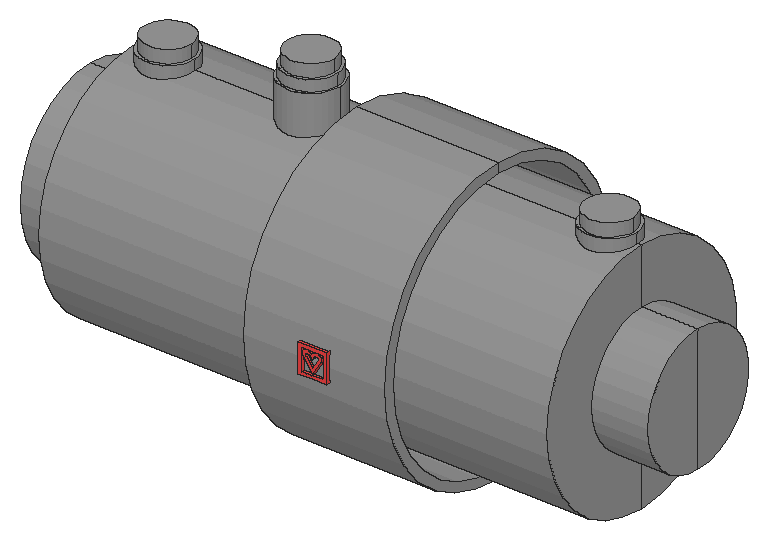
Revit family "Клапан предотвращения обратного потока 0307, внутренняя резьба х наружная резьба", category Rohrzubehör, Revit 2018
Family settings
  Bemaßung runder Anschluss = Durchmesser verwenden
  Teiletyp = Unterbricht
  OmniClass-Nummer = 23.65.55.14
  OmniClass-Titel = Valves for Liquid Services
  Arbeitsebenenbasiert = Nein
  Immer vertikal = Ja
  Beim Laden mit Abzugskörper schneiden = Nein
  Gemeinsam genutzt = Nein
Parameters (values of type "внутренняя резьба х наружная резьба DN40-DN40")
  Среда = "вода (не пар)"  # constant formula
  Примечание = "В соответствии со статьей 33 Регламента REACH (Registration; Evaluation; Authorisation; Restriction of Chemicals) (EC № 1907/2006) мы обязаны указать, что свинец внесен в список SVHC (Substances of Very High Concern - вещества очень высокой важности) и весовой процент свинца во всех латунных компонентах заводского изготовления в наших изделиях, превышает 0,1 % (w/w) (CAS: 7439-92-1 / EINECS: 231-100-4).\r\nПоскольку свинец является легирующим компонентом сплава, прямое негативное влияние исключается, и поэтому дополнительной информации о безопасном использовании не требуется."
  Область применения = "Клапан предотвращения обратного потока является экономически выгодным решением по дооснащению гидрантов арматурой, в соответствии с предписаниями DIN EN 1717, предотвращающей подсасывание непитьевой воды обратно в трубопровод питьевого водоснабжения.\r\nКлапан предотвращения обратного потока предназначается для установки в горизонтальном положении.\r\nДопускается также его вертикальное положение, но обязательно по направлению движения потока сверху вниз.\r\nКлапан не предусмотрен для установки на стояковых нагнетательных трубопроводах."
  Макс. рабочее давление = 1000000.0 Pa  # constant formula
  Макс. рабочая температура = 65 °C  # constant formula
  Корпус = "нержавеющая сталь"  # constant formula
  Исполнение = "Клапан предотвращения обратного потока ВА разработан согласно требованиям нормы DIN EN 1717.\r\nСогласно этой нормы качество воды, в зависимости от степени загрязнения, разделяется на 5 категорий.\r\nКлапан предотвращения обратного потока типа ВА обеспечивает защиту от непитьевой воды до 4 категории, - это самый высокий класс защиты, который может обеспечить арматура.\r\nБолее низкий уровень защиты, чем тот, что обеспечивается клапаном предотвращения обратного потока, не является стандартом и в случае аварии ответственность несёт потребитель такого гидранта.\r\nФункциональный узел представляет собой картридж с золотником больших размеров и защищающего от гидравлического удара спускного клапана.\r\nРезьбы соединения между собой взаимозаменяемы, при этом возможны 16 вариантов подключения (входная и выходная стороны могут быть с внутренней или наружной резьбой  1 1/2\" , как альтернатива,  с внутренней или наружной резьбой 2\")."
  URL = "www.herz-armaturen.ru"
  SCTWSEQ = "AW;SBT_TYP_AW=\"104\";2"
  SCTWCODE = "04;12;02"  # constant formula
  S03 = 15.000 mm  # constant formula
  S02 = 45.000 mm  # constant formula
  S01 = 98.000 mm  # constant formula
  Nennweite Ein [instance] = if(IG_AG_DN40_DN40, 40.000 mm, if(IG_AG_DN40_DN50, 40.000 mm, if(IG_AG_DN50_DN40, 50.000 mm, if(IG_AG_DN50_DN50, 50.000 mm, 0.000 mm))))  # 40.000 mm
  Nennweite Aus [instance] = if(IG_AG_DN40_DN40, 40.000 mm, if(IG_AG_DN40_DN50, 50.000 mm, if(IG_AG_DN50_DN40, 40.000 mm, if(IG_AG_DN50_DN50, 50.000 mm, 0.000 mm))))  # 40.000 mm
  Макс. допустимая рабочая температура (кратковременно) = 80 °C  # constant formula
  L08 = 45.000 mm  # constant formula
  L07 = 24.500 mm  # constant formula
  L06 = 70.000 mm  # constant formula
  L05 = 28.000 mm  # constant formula
  L04 = 13.500 mm  # constant formula
  L03 = 84.500 mm  # constant formula
  L02 = 18.000 mm  # constant formula
  L01 = 193.000 mm  # constant formula
  Hersteller = "HERZ Armaturen Ges.m.b.H."  # constant formula
  Положение при монтаже = "горизонтально или вертикально, с направлением потока сверху вниз"  # constant formula
  D03 [instance] = if(IG_AG_DN40_DN40, 28.000 mm, if(IG_AG_DN40_DN50, 28.000 mm, if(IG_AG_DN50_DN40, 33.000 mm, if(IG_AG_DN50_DN50, 33.000 mm, 0.000 mm))))  # 28.000 mm
  D02 = 45.000 mm  # constant formula
  D01 = 37.500 mm  # constant formula
  Номер заказа [instance] = if(IG_AG_DN40_DN40, "I030702", if(IG_AG_DN40_DN50, "I030710", if(IG_AG_DN50_DN40, "I030714", if(IG_AG_DN50_DN50, "I030706", "0"))))  # "I030702"
  IG_AG_DN50_DN50 = no
  IG_AG_DN50_DN40 = no
  IG_AG_DN40_DN50 = no
  IG_AG_DN40_DN40 = yes
  IG Ein [instance] = Nennweite Ein / 2  # 20.000 mm
  AG Aus [instance] = Nennweite Aus / 2  # 20.000 mm
Types (5, lengths in mm): name | Nennweite Ein | Nennweite Aus | D03 | Номер заказа | IG_AG_DN50_DN50 | IG_AG_DN50_DN40 | IG_AG_DN40_DN50 | IG_AG_DN40_DN40 | IG Ein | AG Aus
  (no name) | 40.000 | 40.000 | 28.000 | "I030702" | no | no | no | yes | 20.000 | 20.000
  внутренняя резьба х наружная резьба DN40-DN50 | 40.000 | 50.000 | 28.000 | "I030710" | no | no | yes | no | 20.000 | 25.000
  внутренняя резьба х наружная резьба DN40-DN40 | 40.000 | 40.000 | 28.000 | "I030702" | no | no | no | yes | 20.000 | 20.000
  внутренняя резьба х наружная резьба DN50-DN50 | 50.000 | 50.000 | 33.000 | "I030706" | yes | no | no | no | 25.000 | 25.000
  внутренняя резьба х наружная резьба DN50-DN40 | 50.000 | 40.000 | 33.000 | "I030714" | no | yes | no | no | 25.000 | 20.000
Reference planes
  plane 1 "Mitte (Vorne/hinten)": y = 0
  plane 2: z = 0
  plane 3 "Mitte (Links/rechts)": x = 0
Forms (mm)
  Revolve 1, solid, material "Messing, weicher Gelbton, geschweißt", detail levels fine
    sketch origin (0, 0, 0) x (1, 0, 0) y (0, 0, 1)
      loop
        line (96.5, 0) -> (96.5, 20) -> (78.5, 20) -> (78.5, 37.5) -> (-83, 37.5) -> (-83, 28) -> (-96.5, 28) -> (-96.5, 20) -> (-83, 20) -> (-83, 0) -> (96.5, 0)
      axis (-96.5, 0) -> (96.5, 0)
    angle from 0 to 360
  Revolve 2, solid, material "Acetalharz, Schwarz", detail levels fine
    sketch origin (0, 0, 0) x (1, 0, 0) y (0, 0, 1)
      loop
        line (-12, 0) -> (1.5, 0) -> (1.5, 42) -> (33, 42) -> (33, 45) -> (-12, 45) -> (-12, 0)
      axis (-12, 0) -> (33, 0)
    angle from 0 to 360
  Extrusion 3, solid, material "Messing, weicher Gelbton, geschweißt", detail levels fine
    sketch origin (0, 0, 0) x (1, 0, 0) y (0, 1, 0)
      loop
        circle (-72, 0) r 8.5
      loop
        circle (68.5, 0) r 8.5
    from 0 to 40.5
  Extrusion 4, solid, material "Acetalharz, Schwarz", detail levels fine
    sketch origin (0, 0, 0) x (1, 0, 0) y (0, 1, 0)
      loop
        circle (-72, 0) r 7.5
      loop
        circle (68.5, 0) r 7.5
    from 40.5 to 44.5
  Extrusion 5, solid, material "Messing, weicher Gelbton, geschweißt", detail levels fine
    sketch origin (0, 0, 0) x (1, 0, 0) y (0, 1, 0)
      loop
        circle (-26.5, 0) r 9.3
    from 0 to 49
  Extrusion 6, solid, material "Messing, weicher Gelbton, geschweißt", detail levels fine
    sketch origin (0, 0, 0) x (1, 0, 0) y (0, 1, 0)
      loop
        circle (-26.5, 0) r 8.5
    from 49 to 52.5
  Extrusion 7, solid, material "Acetalharz, Schwarz", visible <- "IG_AG_DN40_DN50", detail levels fine
    sketch origin (0, 0, 0) x (1, 0, 0) y (0, 1, 0)
      loop
        circle (-26.5, 0) r 7.5
    from 52.5 to 56.5
  Extrusion 8, solid, material "Acetalharz, Schwarz", visible <- "IG_AG_DN40_DN40", detail levels fine
    sketch origin (0, 0, 0) x (1, 0, 0) y (0, 1, 0)
      loop
        circle (-26.5, 0) r 7.5
    from 52.5 to 56.4
  Extrusion 9, solid, material "Acetalharz, Schwarz", visible <- "IG_AG_DN50_DN50", detail levels fine
    sketch origin (0, 0, 0) x (1, 0, 0) y (0, 1, 0)
      loop
        circle (-26.5, 0) r 7.5
    from 52.5 to 56.3
  Extrusion 10, solid, material "Acetalharz, Schwarz", visible <- "IG_AG_DN50_DN40", detail levels fine
    sketch origin (0, 0, 0) x (1, 0, 0) y (0, 1, 0)
      loop
        circle (-26.5, 0) r 7.5
    from 52.5 to 56.2
Lines and regions (mm)
  model lines, detail levels coarse+medium
    curve 1: line (-96.5, 0, 37.5) -> (96.5, 0, 37.5)
    curve 2: line (-96.5, 0, -37.5) -> (-96.5, 0, 37.5)
    curve 3: line (96.5, 0, -37.5) -> (-96.5, 0, -37.5)
    curve 4: line (96.5, 0, 37.5) -> (96.5, 0, -37.5)
    curve 5: line (-96.5, 0, -22.5) -> (-51.5, 0, -22.5)
    curve 6: line (-1.5, 0, -22.5) -> (96.5, 0, -22.5)
    curve 7: line (-96.5, 0, 22.5) -> (-51.5, 0, 22.5)
    curve 8: line (-1.5, 0, 22.5) -> (96.5, 0, 22.5)
    curve 9: line (-96.5, 37.5, 0) -> (96.5, 37.5, 0)
    curve 10: line (-96.5, -37.5, 0) -> (-96.5, 37.5, 0)
    curve 11: line (96.5, -37.5, 0) -> (-96.5, -37.5, 0)
    curve 12: line (96.5, 37.5, 0) -> (96.5, -37.5, 0)
    curve 13: line (-96.5, 22.5, 0) -> (-51.5, 22.5, 0)
    curve 14: line (-1.5, 22.5, 0) -> (96.5, 22.5, 0)
    curve 15: line (-96.5, -22.5, 0) -> (-51.5, -22.5, 0)
    curve 16: line (-1.5, -22.5, 0) -> (96.5, -22.5, 0)
Dimensions and locks
  equal spacing: curve 4, plane 3 "Mitte (Links/rechts)", curve 2
  "L01": curve 4 to curve 2
  "D01": curve 1 to plane 2 to curve 3
  "S03": curve 5 to curve 3
  "S03": curve 1 to curve 7
  "S03": curve 1 to curve 8
  "S03": curve 6 to curve 3
  "S02": curve 5 to curve 2
  "S02": curve 7 to curve 2
  "S01": curve 8 to curve 4
  "S01": curve 6 to curve 4
  equal spacing: curve 10, plane 3 "Mitte (Links/rechts)", curve 12
  "L01": curve 10 to curve 12
  "D01": curve 11 to plane 1 "Mitte (Vorne/hinten)" to curve 9
  "S03": curve 13 to curve 9
  "S03": curve 11 to curve 15
  "S03": curve 14 to curve 9
  "S03": curve 11 to curve 16
  "S01": curve 14 to curve 12
  "S01": curve 16 to curve 12
  "S02": curve 10 to curve 15
  "S02": curve 10 to curve 13
  "D02": Revolve 2 sketch curve to Revolve 2 sketch curve
  equal spacing: Revolve 2, nested 1, Revolve 2
  "D02": nested 1 to plane 1 "Mitte (Vorne/hinten)"
  Revolve 1 sketch curve to Revolve 1 sketch curve = 193.000 mm
  "AG Aus": Revolve 1 sketch curve to Revolve 1 sketch curve
  "IG Ein": Revolve 1 sketch curve to plane 2
  "D03": Revolve 1 sketch curve to plane 2
  "D01": Revolve 1 sketch curve to plane 2
  "L03": Revolve 1 to Revolve 2 sketch curve
  "L07": Revolve 1 to Extrusion 3 sketch curve
  "L05": Extrusion 3 sketch curve to Revolve 1
  "L05": Extrusion 4 sketch curve to Revolve 1
  "L07": Revolve 1 to Extrusion 4 sketch curve
  "L06": Revolve 1 to Extrusion 5 sketch curve
  "L06": Revolve 1 to Extrusion 6 sketch curve
  "L06": Revolve 1 to Extrusion 10 sketch curve
  "L06": Revolve 1 to Extrusion 9 sketch curve
  "L06": Revolve 1 to Extrusion 8 sketch curve
  "L06": Revolve 1 to Extrusion 7 sketch curve
  "L08": Revolve 2 sketch curve to Revolve 2 sketch curve
  aligned and locked: level to plane 2
Automatic sketch dimensions
  Revolve 1 sketch curve to level = 0.000 mm  (x2)
  Revolve 1 sketch curve to plane 3 "Mitte (Links/rechts)" = 96.500 mm
  Revolve 1 sketch curve to Revolve 1 sketch curve = 13.500 mm
  Revolve 1 sketch curve to Revolve 1 sketch curve = 0.000 mm
  plane 3 "Mitte (Links/rechts)" to Revolve 1 sketch curve = 78.500 mm
  Revolve 1 sketch curve to Revolve 1 sketch curve = 18.000 mm
  Revolve 1 sketch curve to Revolve 1 sketch curve = 1408.530 mm
  Revolve 1 sketch curve to Revolve 1 sketch curve = 1741.148 mm
  Revolve 2 sketch curve to level = 0.000 mm  (x2)
  plane 3 "Mitte (Links/rechts)" to Revolve 2 sketch curve = 1.500 mm
  Revolve 2 sketch curve to Revolve 2 sketch curve = 3.000 mm
  Revolve 2 sketch curve to Revolve 2 sketch curve = 1496.030 mm
  Revolve 2 sketch curve to Revolve 2 sketch curve = 1804.648 mm
  plane 1 "Mitte (Vorne/hinten)" to Extrusion 3 sketch curve = 0.000 mm  (x2)
  plane 1 "Mitte (Vorne/hinten)" to Extrusion 4 sketch curve = 0.000 mm  (x2)
  plane 1 "Mitte (Vorne/hinten)" to Extrusion 5 sketch curve = 0.000 mm
  plane 1 "Mitte (Vorne/hinten)" to Extrusion 6 sketch curve = 0.000 mm
  plane 1 "Mitte (Vorne/hinten)" to Extrusion 7 sketch curve = 0.000 mm
  plane 1 "Mitte (Vorne/hinten)" to Extrusion 8 sketch curve = 0.000 mm
  plane 1 "Mitte (Vorne/hinten)" to Extrusion 9 sketch curve = 0.000 mm
  plane 1 "Mitte (Vorne/hinten)" to Extrusion 10 sketch curve = 0.000 mm
  radius of Extrusion 3 sketch curve = 8.500 mm  (x2)
  radius of Extrusion 4 sketch curve = 7.500 mm  (x2)
  radius of Extrusion 5 sketch curve = 9.300 mm
  radius of Extrusion 6 sketch curve = 8.500 mm
  radius of Extrusion 7 sketch curve = 7.500 mm
  radius of Extrusion 8 sketch curve = 7.500 mm
  radius of Extrusion 9 sketch curve = 7.500 mm
  radius of Extrusion 10 sketch curve = 7.500 mm
Nested families
  nested 1: "Herz-Logo-vorne" at (10.5, -45, 0) x (0, 1, 0) z (0, 0, 1), type "Herz-Logo-vorne", detail levels fine
Connectors
  piping at (-83, 0, 0), diameter 40, driven by "Nennweite Ein"
    settings: on Revolve 1, index 1, connector inside diameter 609.6 mm, connector length 0.000 mm, flow factor 0, pipe flow 0.0 L/s, pressure drop 0.0 Pa, fitting loss kfactor 0, connector angle 0.00°, fixture units 0, engagement length 0.000 mm, angle of deflection 0.00°, flow configuration 0, flow direction 1, fitting loss method 0, system type 29, joint type 0, gender type 0, connector reference index -1, connector utility 0, adjustable connector no, is connector primary yes, connector description ""
  piping at (96.5, 0, 0), diameter 40, driven by "Nennweite Aus"
    settings: on Revolve 1, index 2, connector inside diameter 609.6 mm, connector length 0.000 mm, flow factor 0, pipe flow 0.0 L/s, pressure drop 0.0 Pa, fitting loss kfactor 0, connector angle 0.00°, fixture units 0, engagement length 0.000 mm, angle of deflection 0.00°, flow configuration 0, flow direction 2, fitting loss method 0, system type 29, joint type 0, gender type 0, connector reference index -1, connector utility 0, adjustable connector no, is connector primary no, connector description ""
Definition of nested family "Herz-Logo-vorne"
  Reference planes
    plane 1 "Mitte (Vorne/hinten)": y = 0
    plane 2: z = 0
    plane 3 "Mitte (Links/rechts)": x = 0
  Forms (mm)
    Extrusion 1, solid
      sketch origin (0.732, -0.018, 0.017) x (0, -1, 0) y (0, 0, 1)
        loop
          line (-0.018, -4.517) -> (4.482, -4.517) -> (4.482, 4.483) -> (-4.518, 4.483) -> (-4.518, -4.517) -> (-0.018, -4.517)
        loop
          line (-0.05, -3.48) -> (3.482, -3.48) -> (3.482, 3.483) -> (-3.518, 3.483) -> (-3.518, -3.48) -> (-0.05, -3.48)
        loop
          arc (-0.018, 2.383) -> (-1.543, 3.287) -> (-3.067, 2.383) r 1.738
          arc (-3.067, 2.383) -> (-3.191, 1.899) -> (-3.067, 1.415) r 1.009
          line (-3.067, 1.415) -> (-0.018, -3.281) -> (3.032, 1.415)
          arc (3.032, 1.415) -> (3.156, 1.899) -> (3.032, 2.383) r 1.009
          arc (3.032, 2.383) -> (1.507, 3.287) -> (-0.018, 2.383) r 1.738
        loop
          arc (1.885, 1.272) -> (2.005, 1.675) -> (1.885, 2.079) r 0.74
          arc (1.885, 2.079) -> (1.265, 2.416) -> (0.644, 2.079) r 0.74
          line (0.644, 2.079) -> (-0.018, 0.97) -> (-0.679, 2.079)
          arc (-0.679, 2.079) -> (-1.3, 2.416) -> (-1.921, 2.079) r 0.74
          arc (-1.921, 2.079) -> (-2.04, 1.675) -> (-1.921, 1.272) r 0.74
          line (-1.921, 1.272) -> (-0.018, -1.658) -> (1.885, 1.272)
      from 0 to 1.5
  Dimensions and locks
    aligned and locked: level to plane 2
